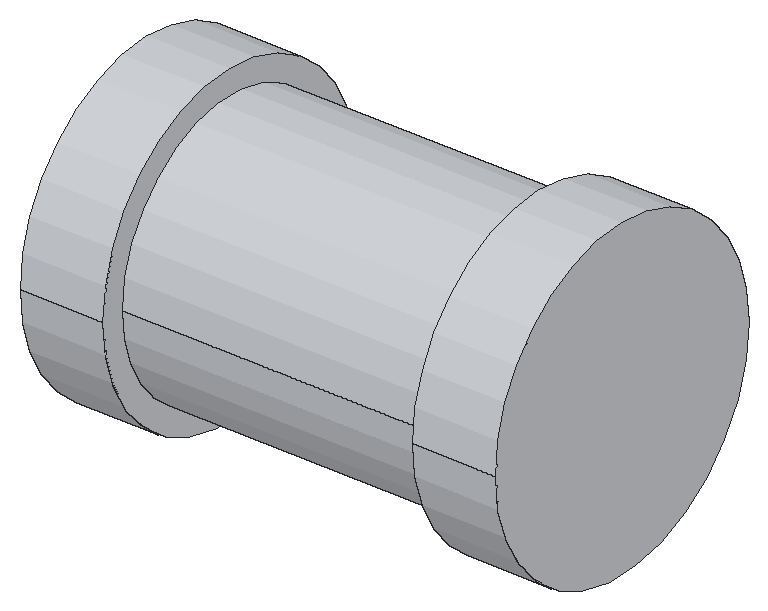
Revit family "Deslizador de acoplamento - PVC - CW", category Conexões de tubo, Revit 2019
Family settings
  Cota do conector redondo = Usar raio
  Tipo de parte = União
  Com base no plano de trabalho = Não
  Sempre na vertical = Sim
  Corte com vazios quando carregada = Não
  Compartilhado = Não
Parameters (values of type "Padrão")
  Tamanho da marca de revisão [instance] = Diâmetro externo da conexão * 0.4  # 10.4 mm
  Model = ""
  Manufacturer = ""
  Nome da tabela de pesquisa = "BR_Coupling Sliding - PVC - CW"
  Raio externo da conexão [instance] = Diâmetro externo da conexão / 2  # 13 mm
  Diâmetro externo da conexão [instance] = size_lookup(Nome da tabela de pesquisa, "FOD", 1.085 * Diâmetro nominal + 4.50 mm, Diâmetro nominal)  # 26 mm
  Comprimento [instance] = size_lookup(Nome da tabela de pesquisa, "Lgt", 1.2364 * Diâmetro nominal + 21.50 mm, Diâmetro nominal)  # 46 mm
  Raio nominal [instance] = 10 mm
  Diâmetro nominal [instance] = Raio nominal * 2  # 20 mm
  Método de perda = Coeficiente K da tabela
  Tabela de coeficiente K = "Redutor/Acoplamento/União/Redutor"
  Description = ""
  Largura do anel [instance] = size_lookup(Nome da tabela de pesquisa, "RWid", 0.2114 * Diâmetro nominal + 3.90 mm, Diâmetro nominal)  # 8 mm
  Raio do anel [instance] = Diâmetro do anel / 2  # 15.3 mm
  Diâmetro do anel [instance] = size_lookup(Nome da tabela de pesquisa, "RDia", 1.237 * Diâmetro nominal + 6.30 mm, Diâmetro nominal)  # 30.6 mm
Reference planes
  plane 1 "Centro (Frente/Trás)": y = 0
  plane 2: z = 0
  plane 3 "Centro (Esquerda/Direita)": x = 0
  plane 4: x = -15
  plane 5: x = 15
  plane 6: x = -23
  plane 7: x = 23
  plane 8: y = 10.4
  plane 9: y = -10.4
  plane 10: x = 0
  plane 11: x = 0
Forms (mm)
  Sweep 1, solid, detail levels fine
    path in 3D
      loop
        line (-23, 0, 0) -> (-15, 0, 0)
    profile origin (-19, 0, 0) x (0, 1, 0) y (0, 0, 1)
      loop
        circle (0, 0) r 15.3
  Sweep 2, solid, detail levels fine
    path in 3D
      loop
        line (15, 0, 0) -> (23, 0, 0)
    profile origin (19, 0, 0) x (0, 1, 0) y (0, 0, 1)
      loop
        circle (0, 0) r 15.3
  Sweep 3, solid, detail levels fine
    path in 3D
      loop
        line (-15, 0, 0) -> (15, 0, 0)
    profile origin (0, 0, 0) x (0, 1, 0) y (0, 0, 1)
      loop
        circle (0, 0) r 13
Cuts and joins
  joined: Sweep 1, Sweep 2, Sweep 3
Lines and regions (mm)
  model lines, detail levels coarse+medium
    curve 1: line (-23, 0, 0) -> (-15, 0, 0)
    curve 2: line (15, 0, 0) -> (23, 0, 0)
    curve 5: line (-23, 10.4, 0) -> (-23, -10.4, 0)
    curve 6: line (23, 10.4, 0) -> (23, -10.4, 0)
    curve 9: line (-15, 0, 0) -> (15, 0, 0)
  reference lines
    curve 3: line (-23, 0, 0) -> (-15, 0, 0)
    curve 4: line (15, 0, 0) -> (23, 0, 0)
  sketch lines
    curve 7: line (-23, 0, 0) -> (-15, 0, 0)
    curve 8: line (15, 0, 0) -> (23, 0, 0)
    curve 10: line (-15, 0, 0) -> (15, 0, 0)
Dimensions and locks
  "Largura do anel": plane 6 to plane 4
  "Largura do anel": plane 5 to plane 7
  "Tamanho da marca de revisão": plane 1 "Centro (Frente/Trás)" to plane 8
  equal spacing: plane 6, plane 3 "Centro (Esquerda/Direita)", plane 7
  "Comprimento": plane 6 to plane 7
  equal spacing: plane 9, plane 1 "Centro (Frente/Trás)", plane 8
  "Raio do anel": radius of Sweep 1 sketch curve
  "Raio do anel": radius of Sweep 2 sketch curve
  "Raio externo da conexão": radius of Sweep 3 sketch curve
  aligned and locked: plane 6 to curve 1
  aligned and locked: plane 1 "Centro (Frente/Trás)" to curve 1
  aligned and locked: plane 7 to curve 2
  aligned and locked: plane 1 "Centro (Frente/Trás)" to curve 2
  aligned and locked: plane 6 to curve 3
  aligned and locked: plane 1 "Centro (Frente/Trás)" to curve 3
  aligned and locked: plane 7 to curve 4
  aligned and locked: plane 1 "Centro (Frente/Trás)" to curve 4
  aligned and locked: plane 8 to curve 5
  aligned and locked: plane 9 to curve 5
  aligned and locked: curve 5 to plane 6
  aligned and locked: plane 8 to curve 6
  aligned and locked: plane 9 to curve 6
  aligned and locked: plane 7 to curve 6
  aligned and locked: plane 4 to curve 9
  aligned and locked: plane 1 "Centro (Frente/Trás)" to curve 9
  aligned and locked: plane 5 to curve 9
Automatic sketch dimensions
  Sweep 1 sketch curve to profile plane = 0.00 mm  (x2)
  Sweep 2 sketch curve to profile plane = 0.00 mm  (x2)
  Sweep 3 sketch curve to profile plane = 0.00 mm  (x2)
  curve 3 to plane 4 = 0.00 mm
  curve 4 to plane 5 = 0.00 mm
Connectors
  piping at (-23, 0, 0), diameter 20, driven by "Raio nominal"
    settings: on cut or joined group of Sweep 1, Sweep 2, Sweep 3, index 1, connector inside diameter 20 mm, connector length 0.00 mm, flow factor 0, pipe flow 0.0 L/s, pressure drop 0.0 Pa, fitting loss kfactor 0, connector angle 0.00°, fixture units 0, engagement length 0.00 mm, angle of deflection 0.00°, flow configuration 0, flow direction 0, fitting loss method 0, system type 28, joint type 0, gender type 0, connector reference index 2, connector utility 0, adjustable connector no, is connector primary yes, connector description ""
  piping at (23, 0, 0), diameter 20, driven by "Raio nominal"
    settings: on cut or joined group of Sweep 1, Sweep 2, Sweep 3, index 2, connector inside diameter 20 mm, connector length 0.00 mm, flow factor 0, pipe flow 0.0 L/s, pressure drop 0.0 Pa, fitting loss kfactor 0, connector angle 0.00°, fixture units 0, engagement length 0.00 mm, angle of deflection 0.00°, flow configuration 0, flow direction 0, fitting loss method 0, system type 28, joint type 0, gender type 0, connector reference index 1, connector utility 0, adjustable connector no, is connector primary no, connector description ""
